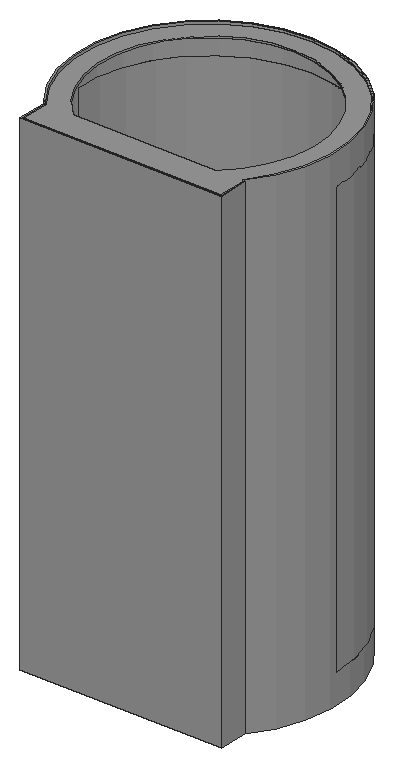
Revit family "3330 Björk_Waste bin", category Furniture Systems, host Wall, Revit 2017
Family settings
  Host = Wall
  Round Connector Dimension = Use Diameter
  Part Type = Normal
  Always vertical = Yes
  Cut with Voids When Loaded = No
  Shared = No
  Room Calculation Point = No
Parameters (values of type "RAL FARVE")
  Karosseri = RAL FARVE
  Front = RAL FARVE
Reference planes
  plane 1 "Wall": y = 0
  plane 2 "Center (Left/Right)": x = 125
  plane 3 "Back": y = 75
Text (mm)
  text "Placement Side" at (-1848.837, 1116.779, 0), in view "Ref. Level"
  text "Placement side" at (0, 1409.804, 2854.306), in view "Left"
  text "Placement side" at (0, 499.811, 2980.732), in view "Right"
Dimensions and locks
  locked: plane 3 "Back" to host wall
  aligned and locked: plane 1 "Wall" to host wall
  aligned and locked: nested 1 to plane 3 "Back"
  aligned and locked: nested 1 to plane 2 "Center (Left/Right)"
Nested families
  nested 1: "Master 3320 Waste bin" at (125, 75, 300) x (-1, 0, 0) z (0, 0, 1), type "Master 3320 Waste bin"
Definition of nested family "Master 3320 Waste bin"
  Parameters (values of type "Master 3320 Waste bin")
    Karosseri = none
    Front = none
  Reference planes
    plane 1 "Center (Front/Back)": y = 0
    plane 2: z = 0
    plane 3 "Center (Left/Right)": x = 0
  Forms (mm)
    Extrusion 1, solid, material <- "Karosseri"
      sketch origin (0, -111, 0) x (1, 0, 0) y (0, 1, 0)
        loop
          arc (-101.5, 81.227) -> (0, -130) -> (101.5, 81.227) r 130
          line (101.5, 81.227) -> (99.572, 81.227)
          arc (99.572, 81.227) -> (0, -128.5) -> (-99.572, 81.227) r 128.5
          line (-99.572, 81.227) -> (-101.5, 81.227)
      from 0 to 500
    Extrusion 2, solid, material <- "Karosseri"
      sketch origin (0, -111, 0) x (1, 0, 0) y (0, 1, 0)
        loop
          line (-101.5, 111) -> (-101.5, 81.227) -> (-99.572, 81.227) -> (-99.572, 109.5) -> (99.572, 109.5) -> (99.572, 81.227) -> (101.5, 81.227) -> (101.5, 111) -> (-101.5, 111)
      from 0 to 498
    Extrusion 3, solid, material <- "Karosseri"
      sketch origin (-149.841, -111, 498) x (0, -1, 0) y (-1, 0, 0)
        loop
          line (-81.227, -77.907) -> (-81.227, -221.775)
          arc (-81.227, -221.775) -> (108.5, -149.841) -> (-81.227, -77.907) r 108.5
        loop
          arc (-81.227, -249.413) -> (128.5, -149.841) -> (-81.227, -50.27) r 128.5
          line (-81.227, -50.27) -> (-109.5, -50.27) -> (-109.5, -249.413) -> (-81.227, -249.413)
      from 0 to 1.5
    Extrusion 4, solid, material <- "Karosseri"
      sketch origin (0, -111, 0) x (1, 0, 0) y (0, 1, 0)
        loop
          line (99.572, 109.5) -> (-99.572, 109.5) -> (-99.572, 81.227)
          arc (-99.572, 81.227) -> (0, -128.5) -> (99.572, 81.227) r 128.5
          line (99.572, 81.227) -> (99.572, 109.5)
      from 0 to 1.5
    Extrusion 5, void
      sketch origin (168.514, -111, 31) x (0, -1, 0) y (-1, 0, 0)
        loop
          spline (-4.107, 32.134) -> (30.905, 36.156) -> (63.683, 49.102) -> (91.994, 70.091) -> (113.907, 97.691) -> (127.931, 130.023) -> (133.108, 164.883) -> (129.086, 199.895) -> (116.14, 232.673) -> (95.152, 260.983) -> (67.551, 282.897) -> (35.219, 296.92) -> (0.359, 302.097)
          line (0.359, 302.097) -> (-4.107, 32.134)
      from 0 to -438
    Extrusion 6, solid, material <- "Front"
      sketch origin (0, -111, 0) x (1, 0, 0) y (0, 1, 0)
        loop
          arc (128.438, 3.975) -> (2.125, -128.482) -> (-128.5, -0.275) r 128.5
          line (-128.5, -0.275) -> (-129.997, 0.869)
          arc (-129.997, 0.869) -> (2.112, -129.983) -> (129.9, 5.092) r 130
          line (129.9, 5.092) -> (128.438, 3.975)
      from 31 to 469
  Cuts and joins
    Extrusion 5 cuts Extrusion 1
    Extrusion 5 cuts Extrusion 4
  Dimensions and locks
    aligned and locked: level to plane 2
    aligned and locked: Extrusion 6 to cut or joined group of Extrusion 1, Extrusion 5  (x4)
